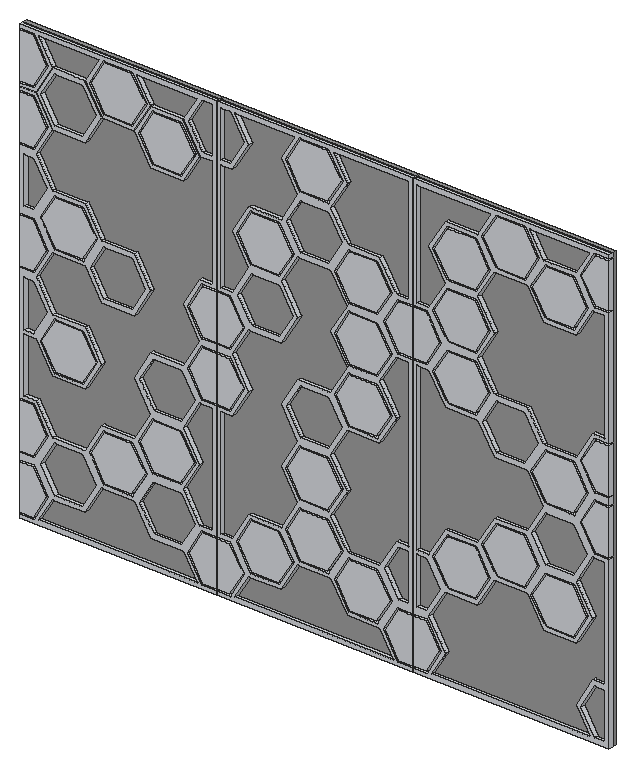
Revit family "SUR-PGL-018_HEX LATTICE_RFA", category Modelos genéricos, Revit 2022 (continued)
Forms (in)
  Extrusion 308, solid, not visible
    sketch origin (-32.38338, 0.00149, -1.20924) x (0, 1, 0) y (0, 0, -1)
      loop
        line (0.96881, 1.14538) -> (0.96881, -1.85462) -> (0.65631, -1.85462) -> (0.65631, -2.35462) -> (0.96881, -2.35462) -> (3.48948, -2.35462) -> (3.48948, -0.60462) -> (4.19814, -0.60462) -> (4.19814, -2.35462) -> (9.23948, -2.35462) -> (9.23948, -0.60462) -> (9.94814, -0.60462) -> (9.94814, -2.35462) -> (14.98948, -2.35462) -> (14.98948, -0.60462) -> (15.69814, -0.60462) -> (15.69814, -2.35462) -> (20.73948, -2.35462) -> (20.73948, -0.60462) -> (21.44814, -0.60462) -> (21.44814, -2.35462) -> (24.28131, -2.35462) -> (24.28131, -1.85462) -> (23.96881, -1.85462) -> (23.96881, 1.14538) -> (0.96881, 1.14538)
    from -3.96341 to -3.49097
  Extrusion 309, solid, not visible
    sketch origin (-26.63338, 0.00149, -1.20924) x (0, 1, 0) y (0, 0, -1)
      loop
        line (0.96881, 1.14538) -> (0.96881, -1.85462) -> (0.65631, -1.85462) -> (0.65631, -2.35462) -> (0.96881, -2.35462) -> (3.48948, -2.35462) -> (3.48948, -0.60462) -> (4.19814, -0.60462) -> (4.19814, -2.35462) -> (9.23948, -2.35462) -> (9.23948, -0.60462) -> (9.94814, -0.60462) -> (9.94814, -2.35462) -> (14.98948, -2.35462) -> (14.98948, -0.60462) -> (15.69814, -0.60462) -> (15.69814, -2.35462) -> (20.73948, -2.35462) -> (20.73948, -0.60462) -> (21.44814, -0.60462) -> (21.44814, -2.35462) -> (24.28131, -2.35462) -> (24.28131, -1.85462) -> (23.96881, -1.85462) -> (23.96881, 1.14538) -> (0.96881, 1.14538)
    from -3.96341 to -3.49097
  Extrusion 310, solid, not visible
    sketch origin (-44, 0, 0) x (1, 0, 0) y (0, 0, 1)
      loop
        line (0.96881, 0.64538) -> (0.96881, -2.35462) -> (3.48948, -2.35462) -> (3.48948, -0.60462) -> (4.19814, -0.60462) -> (4.19814, -2.35462) -> (9.23948, -2.35462) -> (9.23948, -0.60462) -> (9.94814, -0.60462) -> (9.94814, -2.35462) -> (14.98948, -2.35462) -> (14.98948, -0.60462) -> (15.69814, -0.60462) -> (15.69814, -2.35462) -> (20.73948, -2.35462) -> (20.73948, -0.60462) -> (21.44814, -0.60462) -> (21.44814, -2.35462) -> (23.96881, -2.35462) -> (23.96881, 0.64538) -> (24.28131, 0.64538) -> (24.28131, 1.14538) -> (0.65631, 1.14538) -> (0.65631, 0.64538) -> (0.96881, 0.64538)
    from -3.60908 to -3.49097
  Extrusion 311, solid, not visible
    sketch origin (-44, 0, 0) x (1, 0, 0) y (0, 0, 1)
      loop
        line (0.96881, 0.64538) -> (0.96881, -2.35462) -> (3.48948, -2.35462) -> (3.48948, -0.60462) -> (4.19814, -0.60462) -> (4.19814, -2.35462) -> (9.23948, -2.35462) -> (9.23948, -0.60462) -> (9.94814, -0.60462) -> (9.94814, -2.35462) -> (14.98948, -2.35462) -> (14.98948, -0.60462) -> (15.69814, -0.60462) -> (15.69814, -2.35462) -> (20.73948, -2.35462) -> (20.73948, -0.60462) -> (21.44814, -0.60462) -> (21.44814, -2.35462) -> (23.96881, -2.35462) -> (23.96881, 0.64538) -> (24.28131, 0.64538) -> (24.28131, 1.14538) -> (0.65631, 1.14538) -> (0.65631, 0.64538) -> (0.96881, 0.64538)
    from -4.08152 to -3.60908
  Extrusion 312, solid, not visible
    sketch origin (-44, 0, 0) x (1, 0, 0) y (0, 0, 1)
      loop
        line (0.96881, 0.64538) -> (0.96881, -2.35462) -> (3.48948, -2.35462) -> (3.48948, -0.60462) -> (4.19814, -0.60462) -> (4.19814, -2.35462) -> (9.23948, -2.35462) -> (9.23948, -0.60462) -> (9.94814, -0.60462) -> (9.94814, -2.35462) -> (14.98948, -2.35462) -> (14.98948, -0.60462) -> (15.69814, -0.60462) -> (15.69814, -2.35462) -> (20.73948, -2.35462) -> (20.73948, -0.60462) -> (21.44814, -0.60462) -> (21.44814, -2.35462) -> (23.96881, -2.35462) -> (23.96881, 0.64538) -> (24.28131, 0.64538) -> (24.28131, 1.14538) -> (0.65631, 1.14538) -> (0.65631, 0.64538) -> (0.96881, 0.64538)
    from -4.19963 to -4.08152
  Extrusion 313, solid, not visible
    sketch origin (-44.00149, 0.00149, -1.20924) x (0, 1, 0) y (0, 0, -1)
      loop
        line (0.96881, 1.14538) -> (0.96881, -1.85462) -> (0.65631, -1.85462) -> (0.65631, -2.35462) -> (0.96881, -2.35462) -> (3.48948, -2.35462) -> (3.48948, -0.60462) -> (4.19814, -0.60462) -> (4.19814, -2.35462) -> (9.23948, -2.35462) -> (9.23948, -0.60462) -> (9.94814, -0.60462) -> (9.94814, -2.35462) -> (14.98948, -2.35462) -> (14.98948, -0.60462) -> (15.69814, -0.60462) -> (15.69814, -2.35462) -> (20.73948, -2.35462) -> (20.73948, -0.60462) -> (21.44814, -0.60462) -> (21.44814, -2.35462) -> (24.28131, -2.35462) -> (24.28131, -1.85462) -> (23.96881, -1.85462) -> (23.96881, 1.14538) -> (0.96881, 1.14538)
    from -3.60908 to -3.49097
  Extrusion 314, solid, not visible
    sketch origin (-43.88338, 0.00149, -1.20924) x (0, 1, 0) y (0, 0, -1)
      loop
        line (0.96881, 1.14538) -> (0.96881, -1.85462) -> (0.65631, -1.85462) -> (0.65631, -2.35462) -> (0.96881, -2.35462) -> (3.48948, -2.35462) -> (3.48948, -0.60462) -> (4.19814, -0.60462) -> (4.19814, -2.35462) -> (9.23948, -2.35462) -> (9.23948, -0.60462) -> (9.94814, -0.60462) -> (9.94814, -2.35462) -> (14.98948, -2.35462) -> (14.98948, -0.60462) -> (15.69814, -0.60462) -> (15.69814, -2.35462) -> (20.73948, -2.35462) -> (20.73948, -0.60462) -> (21.44814, -0.60462) -> (21.44814, -2.35462) -> (24.28131, -2.35462) -> (24.28131, -1.85462) -> (23.96881, -1.85462) -> (23.96881, 1.14538) -> (0.96881, 1.14538)
    from -3.96341 to -3.49097
  Extrusion 315, solid, not visible
    sketch origin (-44.00149, 0.00149, -1.20924) x (0, 1, 0) y (0, 0, -1)
      loop
        line (0.96881, 1.14538) -> (0.96881, -1.85462) -> (0.65631, -1.85462) -> (0.65631, -2.35462) -> (0.96881, -2.35462) -> (3.48948, -2.35462) -> (3.48948, -0.60462) -> (4.19814, -0.60462) -> (4.19814, -2.35462) -> (9.23948, -2.35462) -> (9.23948, -0.60462) -> (9.94814, -0.60462) -> (9.94814, -2.35462) -> (14.98948, -2.35462) -> (14.98948, -0.60462) -> (15.69814, -0.60462) -> (15.69814, -2.35462) -> (20.73948, -2.35462) -> (20.73948, -0.60462) -> (21.44814, -0.60462) -> (21.44814, -2.35462) -> (24.28131, -2.35462) -> (24.28131, -1.85462) -> (23.96881, -1.85462) -> (23.96881, 1.14538) -> (0.96881, 1.14538)
    from -4.19963 to -4.08152
  Extrusion 316, solid, not visible
    sketch origin (-44, 0, 0) x (1, 0, 0) y (0, 0, 1)
      loop
        line (0.96881, 0.64538) -> (0.96881, -2.35462) -> (3.48948, -2.35462) -> (3.48948, -0.60462) -> (4.19814, -0.60462) -> (4.19814, -2.35462) -> (9.23948, -2.35462) -> (9.23948, -0.60462) -> (9.94814, -0.60462) -> (9.94814, -2.35462) -> (14.98948, -2.35462) -> (14.98948, -0.60462) -> (15.69814, -0.60462) -> (15.69814, -2.35462) -> (20.73948, -2.35462) -> (20.73948, -0.60462) -> (21.44814, -0.60462) -> (21.44814, -2.35462) -> (23.96881, -2.35462) -> (23.96881, 0.64538) -> (24.28131, 0.64538) -> (24.28131, 1.14538) -> (0.65631, 1.14538) -> (0.65631, 0.64538) -> (0.96881, 0.64538)
    from -9.94963 to -9.83152
  Extrusion 317, solid, not visible
    sketch origin (-44, 0, 0) x (1, 0, 0) y (0, 0, 1)
      loop
        line (0.96881, 0.64538) -> (0.96881, -2.35462) -> (3.48948, -2.35462) -> (3.48948, -0.60462) -> (4.19814, -0.60462) -> (4.19814, -2.35462) -> (9.23948, -2.35462) -> (9.23948, -0.60462) -> (9.94814, -0.60462) -> (9.94814, -2.35462) -> (14.98948, -2.35462) -> (14.98948, -0.60462) -> (15.69814, -0.60462) -> (15.69814, -2.35462) -> (20.73948, -2.35462) -> (20.73948, -0.60462) -> (21.44814, -0.60462) -> (21.44814, -2.35462) -> (23.96881, -2.35462) -> (23.96881, 0.64538) -> (24.28131, 0.64538) -> (24.28131, 1.14538) -> (0.65631, 1.14538) -> (0.65631, 0.64538) -> (0.96881, 0.64538)
    from -9.35908 to -9.24097
  Extrusion 318, solid, not visible
    sketch origin (-44, 0, 0) x (1, 0, 0) y (0, 0, 1)
      loop
        line (0.96881, 0.64538) -> (0.96881, -2.35462) -> (3.48948, -2.35462) -> (3.48948, -0.60462) -> (4.19814, -0.60462) -> (4.19814, -2.35462) -> (9.23948, -2.35462) -> (9.23948, -0.60462) -> (9.94814, -0.60462) -> (9.94814, -2.35462) -> (14.98948, -2.35462) -> (14.98948, -0.60462) -> (15.69814, -0.60462) -> (15.69814, -2.35462) -> (20.73948, -2.35462) -> (20.73948, -0.60462) -> (21.44814, -0.60462) -> (21.44814, -2.35462) -> (23.96881, -2.35462) -> (23.96881, 0.64538) -> (24.28131, 0.64538) -> (24.28131, 1.14538) -> (0.65631, 1.14538) -> (0.65631, 0.64538) -> (0.96881, 0.64538)
    from -9.83152 to -9.35908
  Extrusion 319, solid, not visible
    sketch origin (-44, 0, 0) x (1, 0, 0) y (0, 0, 1)
      loop
        line (0.96881, 0.64538) -> (0.96881, -2.35462) -> (3.48948, -2.35462) -> (3.48948, -0.60462) -> (4.19814, -0.60462) -> (4.19814, -2.35462) -> (9.23948, -2.35462) -> (9.23948, -0.60462) -> (9.94814, -0.60462) -> (9.94814, -2.35462) -> (14.98948, -2.35462) -> (14.98948, -0.60462) -> (15.69814, -0.60462) -> (15.69814, -2.35462) -> (20.73948, -2.35462) -> (20.73948, -0.60462) -> (21.44814, -0.60462) -> (21.44814, -2.35462) -> (23.96881, -2.35462) -> (23.96881, 0.64538) -> (24.28131, 0.64538) -> (24.28131, 1.14538) -> (0.65631, 1.14538) -> (0.65631, 0.64538) -> (0.96881, 0.64538)
    from -15.69963 to -15.58152
  Extrusion 320, solid, not visible
    sketch origin (-44, 0, 0) x (1, 0, 0) y (0, 0, 1)
      loop
        line (0.96881, 0.64538) -> (0.96881, -2.35462) -> (3.48948, -2.35462) -> (3.48948, -0.60462) -> (4.19814, -0.60462) -> (4.19814, -2.35462) -> (9.23948, -2.35462) -> (9.23948, -0.60462) -> (9.94814, -0.60462) -> (9.94814, -2.35462) -> (14.98948, -2.35462) -> (14.98948, -0.60462) -> (15.69814, -0.60462) -> (15.69814, -2.35462) -> (20.73948, -2.35462) -> (20.73948, -0.60462) -> (21.44814, -0.60462) -> (21.44814, -2.35462) -> (23.96881, -2.35462) -> (23.96881, 0.64538) -> (24.28131, 0.64538) -> (24.28131, 1.14538) -> (0.65631, 1.14538) -> (0.65631, 0.64538) -> (0.96881, 0.64538)
    from -15.10908 to -14.99097
  Extrusion 321, solid, not visible
    sketch origin (-44, 0, 0) x (1, 0, 0) y (0, 0, 1)
      loop
        line (0.96881, 0.64538) -> (0.96881, -2.35462) -> (3.48948, -2.35462) -> (3.48948, -0.60462) -> (4.19814, -0.60462) -> (4.19814, -2.35462) -> (9.23948, -2.35462) -> (9.23948, -0.60462) -> (9.94814, -0.60462) -> (9.94814, -2.35462) -> (14.98948, -2.35462) -> (14.98948, -0.60462) -> (15.69814, -0.60462) -> (15.69814, -2.35462) -> (20.73948, -2.35462) -> (20.73948, -0.60462) -> (21.44814, -0.60462) -> (21.44814, -2.35462) -> (23.96881, -2.35462) -> (23.96881, 0.64538) -> (24.28131, 0.64538) -> (24.28131, 1.14538) -> (0.65631, 1.14538) -> (0.65631, 0.64538) -> (0.96881, 0.64538)
    from -15.58152 to -15.10908
  Extrusion 322, solid, not visible
    sketch origin (-44, 0, 0) x (1, 0, 0) y (0, 0, 1)
      loop
        line (0.96881, 0.64538) -> (0.96881, -2.35462) -> (3.48948, -2.35462) -> (3.48948, -0.60462) -> (4.19814, -0.60462) -> (4.19814, -2.35462) -> (9.23948, -2.35462) -> (9.23948, -0.60462) -> (9.94814, -0.60462) -> (9.94814, -2.35462) -> (14.98948, -2.35462) -> (14.98948, -0.60462) -> (15.69814, -0.60462) -> (15.69814, -2.35462) -> (20.73948, -2.35462) -> (20.73948, -0.60462) -> (21.44814, -0.60462) -> (21.44814, -2.35462) -> (23.96881, -2.35462) -> (23.96881, 0.64538) -> (24.28131, 0.64538) -> (24.28131, 1.14538) -> (0.65631, 1.14538) -> (0.65631, 0.64538) -> (0.96881, 0.64538)
    from -21.44963 to -21.33152
  Extrusion 323, solid, not visible
    sketch origin (-44, 0, 0) x (1, 0, 0) y (0, 0, 1)
      loop
        line (0.96881, 0.64538) -> (0.96881, -2.35462) -> (3.48948, -2.35462) -> (3.48948, -0.60462) -> (4.19814, -0.60462) -> (4.19814, -2.35462) -> (9.23948, -2.35462) -> (9.23948, -0.60462) -> (9.94814, -0.60462) -> (9.94814, -2.35462) -> (14.98948, -2.35462) -> (14.98948, -0.60462) -> (15.69814, -0.60462) -> (15.69814, -2.35462) -> (20.73948, -2.35462) -> (20.73948, -0.60462) -> (21.44814, -0.60462) -> (21.44814, -2.35462) -> (23.96881, -2.35462) -> (23.96881, 0.64538) -> (24.28131, 0.64538) -> (24.28131, 1.14538) -> (0.65631, 1.14538) -> (0.65631, 0.64538) -> (0.96881, 0.64538)
    from -20.85908 to -20.74097
  Extrusion 324, solid, not visible
    sketch origin (-44, 0, 0) x (1, 0, 0) y (0, 0, 1)
      loop
        line (0.96881, 0.64538) -> (0.96881, -2.35462) -> (3.48948, -2.35462) -> (3.48948, -0.60462) -> (4.19814, -0.60462) -> (4.19814, -2.35462) -> (9.23948, -2.35462) -> (9.23948, -0.60462) -> (9.94814, -0.60462) -> (9.94814, -2.35462) -> (14.98948, -2.35462) -> (14.98948, -0.60462) -> (15.69814, -0.60462) -> (15.69814, -2.35462) -> (20.73948, -2.35462) -> (20.73948, -0.60462) -> (21.44814, -0.60462) -> (21.44814, -2.35462) -> (23.96881, -2.35462) -> (23.96881, 0.64538) -> (24.28131, 0.64538) -> (24.28131, 1.14538) -> (0.65631, 1.14538) -> (0.65631, 0.64538) -> (0.96881, 0.64538)
    from -21.33152 to -20.85908
  Extrusion 325, solid, not visible
    sketch origin (-38.25149, 0.00149, -1.20924) x (0, 1, 0) y (0, 0, -1)
      loop
        line (0.96881, 1.14538) -> (0.96881, -1.85462) -> (0.65631, -1.85462) -> (0.65631, -2.35462) -> (0.96881, -2.35462) -> (3.48948, -2.35462) -> (3.48948, -0.60462) -> (4.19814, -0.60462) -> (4.19814, -2.35462) -> (9.23948, -2.35462) -> (9.23948, -0.60462) -> (9.94814, -0.60462) -> (9.94814, -2.35462) -> (14.98948, -2.35462) -> (14.98948, -0.60462) -> (15.69814, -0.60462) -> (15.69814, -2.35462) -> (20.73948, -2.35462) -> (20.73948, -0.60462) -> (21.44814, -0.60462) -> (21.44814, -2.35462) -> (24.28131, -2.35462) -> (24.28131, -1.85462) -> (23.96881, -1.85462) -> (23.96881, 1.14538) -> (0.96881, 1.14538)
    from -4.19963 to -4.08152
  Extrusion 326, solid, not visible
    sketch origin (-38.84204, 0.00149, -1.20924) x (0, 1, 0) y (0, 0, -1)
      loop
        line (0.96881, 1.14538) -> (0.96881, -1.85462) -> (0.65631, -1.85462) -> (0.65631, -2.35462) -> (0.96881, -2.35462) -> (3.48948, -2.35462) -> (3.48948, -0.60462) -> (4.19814, -0.60462) -> (4.19814, -2.35462) -> (9.23948, -2.35462) -> (9.23948, -0.60462) -> (9.94814, -0.60462) -> (9.94814, -2.35462) -> (14.98948, -2.35462) -> (14.98948, -0.60462) -> (15.69814, -0.60462) -> (15.69814, -2.35462) -> (20.73948, -2.35462) -> (20.73948, -0.60462) -> (21.44814, -0.60462) -> (21.44814, -2.35462) -> (24.28131, -2.35462) -> (24.28131, -1.85462) -> (23.96881, -1.85462) -> (23.96881, 1.14538) -> (0.96881, 1.14538)
    from -4.19963 to -4.08152
  Extrusion 327, solid, not visible
    sketch origin (-32.50149, 0.00149, -1.20924) x (0, 1, 0) y (0, 0, -1)
      loop
        line (0.96881, 1.14538) -> (0.96881, -1.85462) -> (0.65631, -1.85462) -> (0.65631, -2.35462) -> (0.96881, -2.35462) -> (3.48948, -2.35462) -> (3.48948, -0.60462) -> (4.19814, -0.60462) -> (4.19814, -2.35462) -> (9.23948, -2.35462) -> (9.23948, -0.60462) -> (9.94814, -0.60462) -> (9.94814, -2.35462) -> (14.98948, -2.35462) -> (14.98948, -0.60462) -> (15.69814, -0.60462) -> (15.69814, -2.35462) -> (20.73948, -2.35462) -> (20.73948, -0.60462) -> (21.44814, -0.60462) -> (21.44814, -2.35462) -> (24.28131, -2.35462) -> (24.28131, -1.85462) -> (23.96881, -1.85462) -> (23.96881, 1.14538) -> (0.96881, 1.14538)
    from -4.19963 to -4.08152
  Extrusion 328, solid, not visible
    sketch origin (-33.09204, 0.00149, -1.20924) x (0, 1, 0) y (0, 0, -1)
      loop
        line (0.96881, 1.14538) -> (0.96881, -1.85462) -> (0.65631, -1.85462) -> (0.65631, -2.35462) -> (0.96881, -2.35462) -> (3.48948, -2.35462) -> (3.48948, -0.60462) -> (4.19814, -0.60462) -> (4.19814, -2.35462) -> (9.23948, -2.35462) -> (9.23948, -0.60462) -> (9.94814, -0.60462) -> (9.94814, -2.35462) -> (14.98948, -2.35462) -> (14.98948, -0.60462) -> (15.69814, -0.60462) -> (15.69814, -2.35462) -> (20.73948, -2.35462) -> (20.73948, -0.60462) -> (21.44814, -0.60462) -> (21.44814, -2.35462) -> (24.28131, -2.35462) -> (24.28131, -1.85462) -> (23.96881, -1.85462) -> (23.96881, 1.14538) -> (0.96881, 1.14538)
    from -4.19963 to -4.08152
  Extrusion 329, solid, not visible
    sketch origin (-27.34204, 0.00149, -1.20924) x (0, 1, 0) y (0, 0, -1)
      loop
        line (0.96881, 1.14538) -> (0.96881, -1.85462) -> (0.65631, -1.85462) -> (0.65631, -2.35462) -> (0.96881, -2.35462) -> (3.48948, -2.35462) -> (3.48948, -0.60462) -> (4.19814, -0.60462) -> (4.19814, -2.35462) -> (9.23948, -2.35462) -> (9.23948, -0.60462) -> (9.94814, -0.60462) -> (9.94814, -2.35462) -> (14.98948, -2.35462) -> (14.98948, -0.60462) -> (15.69814, -0.60462) -> (15.69814, -2.35462) -> (20.73948, -2.35462) -> (20.73948, -0.60462) -> (21.44814, -0.60462) -> (21.44814, -2.35462) -> (24.28131, -2.35462) -> (24.28131, -1.85462) -> (23.96881, -1.85462) -> (23.96881, 1.14538) -> (0.96881, 1.14538)
    from -4.19963 to -4.08152
  Extrusion 330, solid, not visible
    sketch origin (-26.75149, 0.00149, -1.20924) x (0, 1, 0) y (0, 0, -1)
      loop
        line (0.96881, 1.14538) -> (0.96881, -1.85462) -> (0.65631, -1.85462) -> (0.65631, -2.35462) -> (0.96881, -2.35462) -> (3.48948, -2.35462) -> (3.48948, -0.60462) -> (4.19814, -0.60462) -> (4.19814, -2.35462) -> (9.23948, -2.35462) -> (9.23948, -0.60462) -> (9.94814, -0.60462) -> (9.94814, -2.35462) -> (14.98948, -2.35462) -> (14.98948, -0.60462) -> (15.69814, -0.60462) -> (15.69814, -2.35462) -> (20.73948, -2.35462) -> (20.73948, -0.60462) -> (21.44814, -0.60462) -> (21.44814, -2.35462) -> (24.28131, -2.35462) -> (24.28131, -1.85462) -> (23.96881, -1.85462) -> (23.96881, 1.14538) -> (0.96881, 1.14538)
    from -4.19963 to -4.08152
  Extrusion 331, solid, not visible
    sketch origin (-38.13338, 0.00149, -1.20924) x (0, 1, 0) y (0, 0, -1)
      loop
        line (0.96881, 1.14538) -> (0.96881, -1.85462) -> (0.65631, -1.85462) -> (0.65631, -2.35462) -> (0.96881, -2.35462) -> (3.48948, -2.35462) -> (3.48948, -0.60462) -> (4.19814, -0.60462) -> (4.19814, -2.35462) -> (9.23948, -2.35462) -> (9.23948, -0.60462) -> (9.94814, -0.60462) -> (9.94814, -2.35462) -> (14.98948, -2.35462) -> (14.98948, -0.60462) -> (15.69814, -0.60462) -> (15.69814, -2.35462) -> (20.73948, -2.35462) -> (20.73948, -0.60462) -> (21.44814, -0.60462) -> (21.44814, -2.35462) -> (24.28131, -2.35462) -> (24.28131, -1.85462) -> (23.96881, -1.85462) -> (23.96881, 1.14538) -> (0.96881, 1.14538)
    from -3.96341 to -3.49097
  Extrusion 332, solid, not visible
    sketch origin (-32.38338, 0.00149, -1.20924) x (0, 1, 0) y (0, 0, -1)
      loop
        line (0.96881, 1.14538) -> (0.96881, -1.85462) -> (0.65631, -1.85462) -> (0.65631, -2.35462) -> (0.96881, -2.35462) -> (3.48948, -2.35462) -> (3.48948, -0.60462) -> (4.19814, -0.60462) -> (4.19814, -2.35462) -> (9.23948, -2.35462) -> (9.23948, -0.60462) -> (9.94814, -0.60462) -> (9.94814, -2.35462) -> (14.98948, -2.35462) -> (14.98948, -0.60462) -> (15.69814, -0.60462) -> (15.69814, -2.35462) -> (20.73948, -2.35462) -> (20.73948, -0.60462) -> (21.44814, -0.60462) -> (21.44814, -2.35462) -> (24.28131, -2.35462) -> (24.28131, -1.85462) -> (23.96881, -1.85462) -> (23.96881, 1.14538) -> (0.96881, 1.14538)
    from -3.96341 to -3.49097
  Extrusion 333, solid, not visible
    sketch origin (-26.63338, 0.00149, -1.20924) x (0, 1, 0) y (0, 0, -1)
      loop
        line (0.96881, 1.14538) -> (0.96881, -1.85462) -> (0.65631, -1.85462) -> (0.65631, -2.35462) -> (0.96881, -2.35462) -> (3.48948, -2.35462) -> (3.48948, -0.60462) -> (4.19814, -0.60462) -> (4.19814, -2.35462) -> (9.23948, -2.35462) -> (9.23948, -0.60462) -> (9.94814, -0.60462) -> (9.94814, -2.35462) -> (14.98948, -2.35462) -> (14.98948, -0.60462) -> (15.69814, -0.60462) -> (15.69814, -2.35462) -> (20.73948, -2.35462) -> (20.73948, -0.60462) -> (21.44814, -0.60462) -> (21.44814, -2.35462) -> (24.28131, -2.35462) -> (24.28131, -1.85462) -> (23.96881, -1.85462) -> (23.96881, 1.14538) -> (0.96881, 1.14538)
    from -3.96341 to -3.49097
  Extrusion 334, solid, not visible
    sketch origin (0, 0, 0) x (1, 0, 0) y (0, 1, 0)
      loop
        line (0, 0.11811) -> (0, 0) -> (48, 0) -> (48, 0.11811) -> (0, 0.11811)
    from 0 to 108
  Extrusion 335, solid, not visible
    sketch origin (0, 0, 0) x (1, 0, 0) y (0, 1, 0)
      loop
        line (0, 0.59055) -> (0, 0.11811) -> (48, 0.11811) -> (48, 0.59055) -> (0, 0.59055)
    from 0 to 108
  Extrusion 336, solid, not visible
    sketch origin (20.06218, -10.5, 0) x (0.5, 0.866025, 0) y (-0.866025, 0.5, 0)
      loop
        line (26.12436, 24.24871) -> (1.87564, 24.24871) -> (0, 21) -> (12.12436, 0) -> (36.37307, 0) -> (38.24871, 3.24871) -> (26.12436, 24.24871)
      loop
        line (35.82754, 0.94488) -> (37.15766, 3.24871) -> (25.57883, 23.30383) -> (2.42117, 23.30383) -> (1.09106, 21) -> (12.66988, 0.94488) -> (35.82754, 0.94488)
    from 0 to 10
  Extrusion 337, solid, not visible
    sketch origin (18.18653, 13.74871, 0) x (-0.5, 0.866025, 0) y (-0.866025, -0.5, 0)
      loop
        line (26.12436, 24.24871) -> (1.87564, 24.24871) -> (0, 21) -> (12.12436, 0) -> (36.37307, 0) -> (38.24871, 3.24871) -> (26.12436, 24.24871)
      loop
        line (35.82754, 0.94488) -> (37.15766, 3.24871) -> (25.57883, 23.30383) -> (2.42117, 23.30383) -> (1.09106, 21) -> (12.66988, 0.94488) -> (35.82754, 0.94488)
    from 0 to 10
  Extrusion 338, solid, not visible
    sketch origin (-23.81347, -10.5, 0) x (-0.5, 0.866025, 0) y (-0.866025, -0.5, 0)
      loop
        line (26.12436, -24.24871) -> (38.24871, -3.24871) -> (36.37307, 0) -> (12.12436, 0) -> (0, -21) -> (1.87564, -24.24871) -> (26.12436, -24.24871)
      loop
        line (35.82754, -0.94488) -> (12.66988, -0.94488) -> (1.09106, -21) -> (2.42117, -23.30383) -> (25.57883, -23.30383) -> (37.15766, -3.24871) -> (35.82754, -0.94488)
    from 0 to 10
  Extrusion 339, solid, not visible
    sketch origin (20.06218, 10.5, 0) x (0.5, -0.866025, 0) y (0.866025, 0.5, 0)
      loop
        line (26.12436, -24.24871) -> (38.24871, -3.24871) -> (36.37307, 0) -> (12.12436, 0) -> (0, -21) -> (1.87564, -24.24871) -> (26.12436, -24.24871)
      loop
        line (35.82754, -0.94488) -> (12.66988, -0.94488) -> (1.09106, -21) -> (2.42117, -23.30383) -> (25.57883, -23.30383) -> (37.15766, -3.24871) -> (35.82754, -0.94488)
    from 0 to 10
  Extrusion 340, solid, not visible
    sketch origin (18.18653, -13.74871, 0) x (-0.5, -0.866025, 0) y (0.866025, -0.5, 0)
      loop
        line (26.12436, -24.24871) -> (38.24871, -3.24871) -> (36.37307, 0) -> (12.12436, 0) -> (0, -21) -> (1.87564, -24.24871) -> (26.12436, -24.24871)
      loop
        line (35.82754, -0.94488) -> (12.66988, -0.94488) -> (1.09106, -21) -> (2.42117, -23.30383) -> (25.57883, -23.30383) -> (37.15766, -3.24871) -> (35.82754, -0.94488)
    from 0 to 10
  Extrusion 341, solid, not visible
    sketch origin (-23.81347, 10.5, 0) x (-0.5, -0.866025, 0) y (0.866025, -0.5, 0)
      loop
        line (26.12436, 24.24871) -> (1.87564, 24.24871) -> (0, 21) -> (12.12436, 0) -> (36.37307, 0) -> (38.24871, 3.24871) -> (26.12436, 24.24871)
      loop
        line (35.82754, 0.94488) -> (37.15766, 3.24871) -> (25.57883, 23.30383) -> (2.42117, 23.30383) -> (1.09106, 21) -> (12.66988, 0.94488) -> (35.82754, 0.94488)
    from 0 to 10
  Extrusion 342, solid, not visible
    sketch origin (-21.93782, 13.74871, 0) x (0.5, 0.866025, 0) y (-0.866025, 0.5, 0)
      loop
        line (26.12436, 24.24871) -> (1.87564, 24.24871) -> (0, 21) -> (12.12436, 0) -> (36.37307, 0) -> (38.24871, 3.24871) -> (26.12436, 24.24871)
      loop
        line (35.82754, 0.94488) -> (37.15766, 3.24871) -> (25.57883, 23.30383) -> (2.42117, 23.30383) -> (1.09106, 21) -> (12.66988, 0.94488) -> (35.82754, 0.94488)
    from 0 to 10
  Extrusion 343, solid, not visible
    sketch origin (-21.94005, -13.75, 0) x (0.5, -0.866025, 0) y (0.866025, 0.5, 0)
      loop
        line (26.12436, -24.24871) -> (38.24871, -3.24871) -> (36.37307, 0) -> (12.12436, 0) -> (0, -21) -> (1.87564, -24.24871) -> (26.12436, -24.24871)
      loop
        line (35.82754, -0.94488) -> (12.66988, -0.94488) -> (1.09106, -21) -> (2.42117, -23.30383) -> (25.57883, -23.30383) -> (37.15766, -3.24871) -> (35.82754, -0.94488)
    from 0 to 10
  Extrusion 344, solid, not visible
    sketch origin (60.18877, 10.50129, 0) x (-0.5, -0.866025, 0) y (0.866025, -0.5, 0)
      loop
        line (26.12436, -24.24871) -> (38.24871, -3.24871) -> (36.37307, 0) -> (12.12436, 0) -> (0, -21) -> (1.87564, -24.24871) -> (26.12436, -24.24871)
      loop
        line (35.82754, -0.94488) -> (12.66988, -0.94488) -> (1.09106, -21) -> (2.42117, -23.30383) -> (25.57883, -23.30383) -> (37.15766, -3.24871) -> (35.82754, -0.94488)
    from 0 to 10
  Extrusion 345, solid, not visible
    sketch origin (-2.92322, 3.37295, 0) x (1, 0, 0) y (0, 1, 0)
      loop
        circle (21.56983, 21.96091) r 24.5
      loop
        circle (21.56983, 21.96091) r 23.5
    from 0 to 8
  Extrusion 346, solid, not visible
    sketch origin (0, 0, 0) x (1, 0, 0) y (0, 1, 0)
      loop
        circle (331.30201, 30.00794) r 2.50503
      loop
        circle (331.30201, 30.00794) r 2
    from 1.91103 to 2.63408
  Extrusion 347, solid, not visible
    sketch origin (0, 0, 0) x (1, 0, 0) y (0, 1, 0)
      loop
        circle (331.30201, 30.00794) r 2
    from 1.94644 to 2.58052
  Extrusion 348, solid, not visible
    sketch origin (-2.92322, 3.37295, 0) x (1, 0, 0) y (0, 1, 0)
      loop
        circle (21.56983, 21.96091) r 24.5
      loop
        circle (21.56983, 21.96091) r 23.5
    from -0.08187 to 4
  Extrusion 349, solid, not visible
    sketch origin (-321.72966, 0, 0) x (1, 0, 0) y (0, 1, 0)
      loop
        circle (316.62627, 25.33386) r 0.25
    from 2.63408 to 42.53135
  Extrusion 350, solid, not visible
    sketch origin (359.03255, 0, 0) x (-1, 0, 0) y (0, -1, 0)
      loop
        circle (316.62627, -25.33386) r 0.25
    from 2.63408 to 42.53135
  Extrusion 351, solid, not visible
    sketch origin (115.24237, 3.37295, 0) x (1, 0, 0) y (0, 1, 0)
      loop
        circle (21.56983, 21.96091) r 24.5
      loop
        circle (21.56983, 21.96091) r 23.5
    from -0.08187 to 4
  Extrusion 352, solid, not visible
    sketch origin (0, 0, 0) x (1, 0, 0) y (0, 1, 0)
      loop
        circle (136.8122, 25.33386) r 23.5
    from 2 to 2.63408
  Extrusion 353, solid, not visible
    sketch origin (-203.06407, 0, 0) x (1, 0, 0) y (0, 1, 0)
      loop
        circle (316.62627, 25.33386) r 0.25
    from 2.63408 to 61.53135
  Extrusion 354, solid, not visible
    sketch origin (476.68846, 0, 0) x (-1, 0, 0) y (0, -1, 0)
      loop
        circle (316.62627, -25.33386) r 0.25
    from 2.63408 to 61.53135
  Extrusion 355, solid, not visible
    sketch origin (218.36157, 3.37295, 0) x (1, 0, 0) y (0, 1, 0)
      loop
        circle (21.56983, 21.96091) r 24.5
      loop
        circle (21.56983, 21.96091) r 23.5
    from -0.08187 to 4
  Extrusion 356, solid, not visible
    sketch origin (218.36157, 3.37295, 0) x (1, 0, 0) y (0, 1, 0)
      loop
        circle (21.56983, 21.96091) r 23.5
      loop
        circle (21.56983, 21.96091) r 23.06194
    from -0.08187 to 1
  Extrusion 357, solid, not visible
    sketch origin (218.36157, 3.37295, 0) x (1, 0, 0) y (0, 1, 0)
      loop
        circle (21.56983, 21.96091) r 23.5
      loop
        circle (21.56983, 21.96091) r 23.06194
    from 1 to 1.5561
  Extrusion 358, solid, not visible
    sketch origin (102.6192, 0, 0) x (1, 0, 0) y (0, 1, 0)
      loop
        circle (137.31131, 25.38631) r 23.5
    from 2 to 2.63408
  Extrusion 359, solid, not visible
    sketch origin (-99.54074, 0, 0) x (1, 0, 0) y (0, 1, 0)
      loop
        circle (316.62627, 25.33386) r 0.25
    from 2.63408 to 77.53135
  Extrusion 360, solid, not visible
    sketch origin (579.40175, 0, 0) x (-1, 0, 0) y (0, -1, 0)
      loop
        circle (316.62627, -25.33386) r 0.25
    from 2.63408 to 77.53135
  Extrusion 361, solid, not visible
    sketch origin (315.15231, 3.37295, 0) x (1, 0, 0) y (0, 1, 0)
      loop
        circle (21.56983, 21.96091) r 24.5
      loop
        circle (21.56983, 21.96091) r 23.5
    from -0.08187 to 4
  Extrusion 362, solid, not visible
    sketch origin (0, 0, 0) x (1, 0, 0) y (0, 1, 0)
      loop
        circle (336.72124, 25.33386) r 23.50089
      loop
        circle (342.14048, 30.00794) r 2.5
      loop
        circle (331.30201, 30.00794) r 2.50503
      loop
        circle (336.72124, 20.60773) r 2.50503
    from 2 to 2.63408
  Extrusion 363, solid, not visible
    sketch origin (0, 0, 0) x (1, 0, 0) y (0, 1, 0)
      loop
        circle (331.30201, 30.00794) r 2.50503
      loop
        circle (331.30201, 30.00794) r 2
    from 1.91103 to 2.63408
  Extrusion 364, solid, not visible
    sketch origin (0, 0, 0) x (1, 0, 0) y (0, 1, 0)
      loop
        circle (331.30201, 30.00794) r 2
    from 1.94644 to 2.58052
  Extrusion 365, solid, not visible
    sketch origin (10.83846, 0, 0) x (1, 0, 0) y (0, 1, 0)
      loop
        circle (331.30201, 30.00794) r 2.50503
      loop
        circle (331.30201, 30.00794) r 2
    from 1.91103 to 2.63408
  Extrusion 366, solid, not visible
    sketch origin (10.83846, 0, 0) x (1, 0, 0) y (0, 1, 0)
      loop
        circle (331.30201, 30.00794) r 2
    from 1.94644 to 2.58052
  Extrusion 367, solid, not visible
    sketch origin (5.41923, -9.38639, 0) x (1, 0, 0) y (0, 1, 0)
      loop
        circle (331.30201, 30.00794) r 2.50503
      loop
        circle (331.30201, 30.00794) r 2
    from 1.91103 to 2.63408
  Extrusion 368, solid, not visible
    sketch origin (5.41923, -9.38639, 0) x (1, 0, 0) y (0, 1, 0)
      loop
        circle (331.30201, 30.00794) r 2
    from 1.94644 to 2.58052
  Extrusion 369, solid, not visible
    sketch origin (-3.15414, 0, 0) x (1, 0, 0) y (0, 1, 0)
      loop
        circle (316.62627, 25.33386) r 0.25
    from 2.63408 to 42.53135
  Extrusion 370, solid, not visible
    sketch origin (676.5984, 0, 0) x (-1, 0, 0) y (0, -1, 0)
      loop
        circle (316.62627, -25.33386) r 0.25
    from 2.63408 to 42.53135
  Extrusion 371, solid
    sketch origin (0, 0, -0.28341) x (1, 0, 0) y (0, 0, 1)
      loop
        line (0.31701, 108.28341) -> (0.31701, 107.4602) -> (3.89156, 107.4602) -> (7.42324, 101.50048) -> (3.89608, 95.54839) -> (0.31701, 95.54839) -> (0.31701, 94.83076) -> (4.29123, 94.83076) -> (8.29009, 101.57884) -> (4.9096, 107.28341) -> (19.72442, 107.28341) -> (16.37513, 101.63149) -> (20.43325, 94.78341) -> (28.20077, 94.78341) -> (32.25889, 101.63149) -> (28.9096, 107.28341) -> (43.72442, 107.28341) -> (40.37513, 101.63149) -> (44.43325, 94.78341) -> (47.31701, 94.78341) -> (47.31701, 67.78341) -> (44.31701, 67.78341) -> (40.31701, 61.03341) -> (44.31701, 54.28341) -> (40.31701, 47.53341) -> (32.31701, 47.53341) -> (28.31701, 40.78341) -> (32.31701, 34.03341) -> (28.31701, 27.28341) -> (20.31701, 27.28341) -> (16.31701, 20.53341) -> (8.31701, 20.53341) -> (4.31701, 27.28341) -> (1.31701, 27.28341) -> (1.31701, 40.78341) -> (4.31701, 40.78341) -> (8.31701, 34.03341) -> (16.31701, 34.03341) -> (20.31701, 40.78341) -> (16.31701, 47.53341) -> (8.31701, 47.53341) -> (4.31701, 54.28341) -> (8.31701, 61.03341) -> (16.31701, 61.03341) -> (20.31701, 54.28341) -> (28.31701, 54.28341) -> (32.31701, 61.03341) -> (28.31701, 67.78341) -> (20.31701, 67.78341) -> (16.31701, 74.53341) -> (8.31701, 74.53341) -> (4.31701, 81.28341) -> (8.25889, 87.93534) -> (4.29123, 94.63076) -> (0.31701, 94.63076) -> (0.31701, 93.96018) -> (3.89157, 93.96018) -> (7.42073, 88.00472) -> (3.89235, 82.05058) -> (0.31701, 82.05058) -> (0.31701, 66.96018) -> (3.89157, 66.96018) -> (7.42062, 61.00751) -> (3.89087, 55.05105) -> (0.31701, 55.05105) -> (0.31701, 26.46152) -> (3.89077, 26.46152) -> (7.42097, 20.50432) -> (3.89232, 14.54972) -> (0.31701, 14.54972) -> (0.31701, 12.96152) -> (3.89077, 12.96152) -> (7.42097, 7.00432) -> (3.89232, 1.04972) -> (0.31701, 1.04972) -> (0.31701, 0.28341) -> (48.31701, 0.28341) -> (48.31701, 1.04838) -> (44.79807, 1.04838) -> (41.26786, 7.00562) -> (44.79728, 12.96152) -> (48.31701, 12.96152) -> (48.31701, 41.55105) -> (44.79804, 41.55105) -> (41.2694, 47.50562) -> (44.79804, 53.4602) -> (48.31701, 53.4602) -> (48.31701, 55.05105) -> (44.79804, 55.05105) -> (41.26779, 61.00834) -> (44.79317, 66.95742) -> (48.31701, 66.95742) -> (48.31701, 108.28341) -> (0.31701, 108.28341)
      loop
        line (4.9096, 1.28341) -> (43.72442, 1.28341) -> (40.31701, 7.03341) -> (32.31701, 7.03341) -> (28.31701, 13.78341) -> (20.31701, 13.78341) -> (16.31701, 7.03341) -> (8.31701, 7.03341) -> (4.9096, 1.28341)
      loop
        line (8.43325, 88.03341) -> (16.31701, 88.03341) -> (20.25889, 94.68534) -> (16.20077, 101.53341) -> (8.49565, 101.53341) -> (4.46445, 94.73076) -> (8.43325, 88.03341)
      loop
        line (28.37513, 94.68534) -> (32.31701, 88.03341) -> (40.31701, 88.03341) -> (44.25889, 94.68534) -> (40.20077, 101.53341) -> (32.43325, 101.53341) -> (28.37513, 94.68534)
      loop
        line (27.89232, 14.54972) -> (31.42174, 20.50562) -> (27.89232, 26.46152) -> (20.79728, 26.46152) -> (17.26786, 20.50562) -> (20.79882, 14.54972) -> (27.89232, 14.54972)
      loop
        line (30.95678, 20.50562) -> (27.6644, 26.06152) -> (21.0252, 26.06152) -> (17.73284, 20.50567) -> (21.02669, 14.94972) -> (27.6644, 14.94972) -> (30.95678, 20.50562)
      loop
        line (15.89307, 34.79839) -> (19.4225, 40.75429) -> (15.89307, 46.7102) -> (8.79804, 46.7102) -> (5.26861, 40.75429) -> (8.79958, 34.79839) -> (15.89307, 34.79839)
      loop
        line (18.95754, 40.75429) -> (15.66515, 46.3102) -> (9.02596, 46.3102) -> (5.7336, 40.75434) -> (9.02745, 35.19839) -> (15.66515, 35.19839) -> (18.95754, 40.75429)
      loop
        line (15.89307, 61.79839) -> (19.4225, 67.75429) -> (15.89307, 73.7102) -> (8.79804, 73.7102) -> (5.26861, 67.75429) -> (8.79958, 61.79839) -> (15.89307, 61.79839)
      loop
        line (18.95754, 67.75429) -> (15.66515, 73.3102) -> (9.02596, 73.3102) -> (5.7336, 67.75434) -> (9.02745, 62.19839) -> (15.66515, 62.19839) -> (18.95754, 67.75429)
      loop
        line (27.89153, 95.54839) -> (31.42095, 101.50429) -> (27.89153, 107.4602) -> (20.79649, 107.4602) -> (17.26707, 101.50429) -> (20.79804, 95.54839) -> (27.89153, 95.54839)
      loop
        line (30.95599, 101.50429) -> (27.66361, 107.0602) -> (21.02441, 107.0602) -> (17.73205, 101.50434) -> (21.02591, 95.94839) -> (27.66361, 95.94839) -> (30.95599, 101.50429)
      loop
        line (39.89307, 88.79839) -> (43.4225, 94.75429) -> (39.89307, 100.7102) -> (32.79804, 100.7102) -> (29.26861, 94.75429) -> (32.79958, 88.79839) -> (39.89307, 88.79839)
      loop
        line (42.95754, 94.75429) -> (39.66515, 100.3102) -> (33.02596, 100.3102) -> (29.7336, 94.75434) -> (33.02745, 89.19839) -> (39.66515, 89.19839) -> (42.95754, 94.75429)
      loop
        line (27.7472, 66.78341) -> (20.88681, 66.78341) -> (17.4794, 61.03341) -> (20.88681, 55.28341) -> (27.7472, 55.28341) -> (31.15461, 61.03341) -> (27.7472, 66.78341)
      loop
        line (7.15461, 47.53341) -> (3.7472, 53.28341) -> (1.31701, 53.28341) -> (1.31701, 41.78341) -> (3.7472, 41.78341) -> (7.15461, 47.53341)
      loop
        line (32.88681, 46.53341) -> (29.4794, 40.78341) -> (32.88681, 35.03341) -> (39.7472, 35.03341) -> (43.15461, 40.78341) -> (39.7472, 46.53341) -> (32.88681, 46.53341)
      loop
        line (43.15461, 13.78341) -> (39.7472, 19.53341) -> (32.88681, 19.53341) -> (29.4794, 13.78341) -> (32.88681, 8.03341) -> (39.7472, 8.03341) -> (43.15461, 13.78341)
      loop
        line (44.88681, 107.28341) -> (41.4794, 101.53341) -> (44.88681, 95.78341) -> (47.31701, 95.78341) -> (47.31701, 107.28341) -> (44.88681, 107.28341)
      loop
        line (19.15461, 94.78341) -> (15.7472, 100.53341) -> (8.88681, 100.53341) -> (5.4794, 94.78341) -> (8.88681, 89.03341) -> (15.7472, 89.03341) -> (19.15461, 94.78341)
      loop
        line (3.7472, 68.78341) -> (7.15461, 74.53341) -> (3.7472, 80.28341) -> (1.31701, 80.28341) -> (1.31701, 68.78341) -> (3.7472, 68.78341)
      loop
        line (47.31701, 13.78341) -> (47.31701, 40.78341) -> (44.31701, 40.78341) -> (40.31701, 34.03341) -> (44.31701, 27.28341) -> (40.31701, 20.53341) -> (44.31701, 13.78341) -> (47.31701, 13.78341)
      loop
        line (19.15461, 13.78341) -> (15.7472, 19.53341) -> (8.88681, 19.53341) -> (5.4794, 13.78341) -> (8.88681, 8.03341) -> (15.7472, 8.03341) -> (19.15461, 13.78341)
      loop
        line (3.65688, 95.9602) -> (6.94461, 101.50823) -> (3.66076, 107.04972) -> (0.31701, 107.04972) -> (0.31701, 95.9602) -> (3.65688, 95.9602)
      loop
        line (0.31701, 93.55105) -> (0.31701, 82.46019) -> (3.65689, 82.46019) -> (6.94461, 88.00821) -> (3.65996, 93.55105) -> (0.31701, 93.55105)
      loop
        line (48.31701, 41.95105) -> (48.31701, 53.0602) -> (45.02596, 53.0602) -> (41.73436, 47.50562) -> (45.02596, 41.95105) -> (48.31701, 41.95105)
      loop
        line (45.01834, 1.46131) -> (48.31701, 1.46131) -> (48.31701, 12.54958) -> (45.01812, 12.54958) -> (41.73282, 7.00562) -> (45.01834, 1.46131)
      loop
        line (39.89153, 21.30105) -> (43.42095, 27.25695) -> (39.89153, 33.21285) -> (32.79649, 33.21285) -> (29.26707, 27.25695) -> (32.79804, 21.30105) -> (39.89153, 21.30105)
      loop
        line (42.95599, 27.25695) -> (39.66361, 32.81285) -> (33.02441, 32.81285) -> (29.73205, 27.257) -> (33.02591, 21.70105) -> (39.66361, 21.70105) -> (42.95599, 27.25695)
      loop
        line (3.65767, 1.46152) -> (6.94306, 7.00562) -> (3.65767, 12.54972) -> (0.31701, 12.54972) -> (0.31701, 1.46152) -> (3.65767, 1.46152)
      loop
        line (0.31701, 14.9602) -> (3.65843, 14.9602) -> (6.94461, 20.50562) -> (3.65843, 26.05105) -> (0.31701, 26.05105) -> (0.31701, 14.9602)
      loop
        line (3.65699, 55.4602) -> (6.94461, 61.00805) -> (3.65843, 66.55105) -> (0.31701, 66.55105) -> (0.31701, 55.4602) -> (3.65699, 55.4602)
      loop
        line (48.31701, 66.55105) -> (45.03271, 66.55105) -> (41.74499, 61.00302) -> (45.02884, 55.46152) -> (48.31701, 55.46152) -> (48.31701, 66.55105)
    from -0.97244 to 0
  Extrusion 372, solid
    sketch origin (0, 0, -0.28341) x (1, 0, 0) y (0, 0, 1)
      loop
        line (0.31701, 108.28341) -> (0.31701, 0.28341) -> (48.31701, 0.28341) -> (48.31701, 108.28341) -> (0.31701, 108.28341)
    from -1.94488 to -0.97244
  Extrusion 373, solid
    sketch origin (48, 0, -0.28341) x (1, 0, 0) y (0, 0, 1)
      loop
        line (0.31701, 108.28341) -> (0.31701, 0.28341) -> (48.31701, 0.28341) -> (48.31701, 108.28341) -> (0.31701, 108.28341)
    from -1.94488 to -0.97244
  Extrusion 374, solid
    sketch origin (96.63402, 0, -0.28341) x (-1, 0, 0) y (0, 0, -1)
      loop
        line (0.31701, -108.28341) -> (48.31701, -108.28341) -> (48.31701, -66.95742) -> (44.79317, -66.95742) -> (41.26779, -61.00834) -> (44.79804, -55.05105) -> (48.31701, -55.05105) -> (48.31701, -53.4602) -> (44.79804, -53.4602) -> (41.2694, -47.50562) -> (44.79804, -41.55105) -> (48.31701, -41.55105) -> (48.31701, -12.96152) -> (44.79728, -12.96152) -> (41.26786, -7.00562) -> (44.79807, -1.04838) -> (48.31701, -1.04838) -> (48.31701, -0.28341) -> (0.31701, -0.28341) -> (0.31701, -1.04972) -> (3.89232, -1.04972) -> (7.42097, -7.00432) -> (3.89077, -12.96152) -> (0.31701, -12.96152) -> (0.31701, -67.77836) -> (0.31701, -68.58088) -> (3.89232, -68.58088) -> (7.42097, -74.53548) -> (3.89077, -80.49268) -> (0.31701, -80.49268) -> (0.31701, -108.28341)
      loop
        line (4.9096, -1.28341) -> (8.31701, -7.03341) -> (16.31701, -7.03341) -> (20.31701, -13.78341) -> (28.31701, -13.78341) -> (32.31701, -7.03341) -> (40.31701, -7.03341) -> (43.72442, -1.28341) -> (4.9096, -1.28341)
      loop
        line (8.31701, -20.53341) -> (4.31701, -27.28341) -> (1.31701, -27.28341) -> (1.31701, -67.78341) -> (4.31635, -67.78341) -> (8.31755, -61.03433) -> (4.31701, -54.28341) -> (8.31701, -47.53341) -> (16.31701, -47.53341) -> (20.31701, -40.78341) -> (16.31701, -34.03341) -> (20.31701, -27.28341) -> (16.31701, -20.53341) -> (8.31701, -20.53341)
      loop
        line (20.31701, -54.28341) -> (16.31613, -61.03194) -> (20.31701, -67.78341) -> (16.31701, -74.53341) -> (20.31701, -81.28341) -> (28.31526, -81.28341) -> (32.31701, -74.53341) -> (28.31701, -67.78341) -> (32.31701, -61.03341) -> (40.31701, -61.03341) -> (44.31701, -54.28341) -> (40.31701, -47.53341) -> (44.31701, -40.78341) -> (47.31701, -40.78341) -> (47.31701, -13.78341) -> (44.31701, -13.78341) -> (40.31701, -20.53341) -> (32.31701, -20.53341) -> (28.31701, -27.28341) -> (32.31701, -34.03341) -> (28.31701, -40.78341) -> (32.31701, -47.53341) -> (28.31701, -54.28341) -> (20.31701, -54.28341)
      loop
        line (4.31701, -81.28341) -> (1.31701, -81.28341) -> (1.31701, -107.28341) -> (19.72442, -107.28341) -> (16.31701, -101.53341) -> (20.31701, -94.78341) -> (16.31701, -88.03341) -> (8.31701, -88.03341) -> (4.31701, -81.28341)
      loop
        line (28.31701, -94.78341) -> (32.31701, -101.53341) -> (28.9096, -107.28341) -> (43.72442, -107.28341) -> (40.31701, -101.53341) -> (44.31701, -94.78341) -> (47.31701, -94.78341) -> (47.31701, -67.78341) -> (44.31701, -67.78341) -> (40.31701, -74.53341) -> (44.31701, -81.28341) -> (40.31526, -88.03341) -> (32.31701, -88.03341) -> (28.31701, -94.78341)
      loop
        line (27.89232, -14.54972) -> (20.79882, -14.54972) -> (17.26786, -20.50562) -> (20.79728, -26.46152) -> (27.89232, -26.46152) -> (31.42174, -20.50562) -> (27.89232, -14.54972)
      loop
        line (30.95678, -20.50562) -> (27.6644, -14.94972) -> (21.02669, -14.94972) -> (17.73284, -20.50567) -> (21.0252, -26.06152) -> (27.6644, -26.06152) -> (30.95678, -20.50562)
      loop
        line (15.89307, -61.79839) -> (8.79958, -61.79839) -> (5.26861, -67.75429) -> (8.79804, -73.7102) -> (15.89307, -73.7102) -> (19.4225, -67.75429) -> (15.89307, -61.79839)
      loop
        line (18.95754, -67.75429) -> (15.66515, -62.19839) -> (9.02745, -62.19839) -> (5.7336, -67.75434) -> (9.02596, -73.3102) -> (15.66515, -73.3102) -> (18.95754, -67.75429)
      loop
        line (27.89153, -95.54839) -> (20.79804, -95.54839) -> (17.26707, -101.50429) -> (20.79649, -107.4602) -> (27.89153, -107.4602) -> (31.42095, -101.50429) -> (27.89153, -95.54839)
      loop
        line (30.95599, -101.50429) -> (27.66361, -95.94839) -> (21.02591, -95.94839) -> (17.73205, -101.50434) -> (21.02441, -107.0602) -> (27.66361, -107.0602) -> (30.95599, -101.50429)
      loop
        line (44.88681, -107.28341) -> (47.31701, -107.28341) -> (47.31701, -95.78341) -> (44.88681, -95.78341) -> (41.4794, -101.53341) -> (44.88681, -107.28341)
      loop
        line (48.31701, -41.95105) -> (45.02596, -41.95105) -> (41.73436, -47.50562) -> (45.02596, -53.0602) -> (48.31701, -53.0602) -> (48.31701, -41.95105)
      loop
        line (45.01834, -1.46131) -> (41.73282, -7.00562) -> (45.01812, -12.54958) -> (48.31701, -12.54958) -> (48.31701, -1.46131) -> (45.01834, -1.46131)
      loop
        line (3.65767, -1.46152) -> (0.31701, -1.46152) -> (0.31701, -12.54972) -> (3.65767, -12.54972) -> (6.94306, -7.00562) -> (3.65767, -1.46152)
      loop
        line (1.31701, -14.78341) -> (1.31701, -26.28341) -> (3.7472, -26.28341) -> (7.15461, -20.53341) -> (3.7472, -14.78341) -> (1.31701, -14.78341)
      loop
        line (48.31701, -66.55105) -> (48.31701, -55.46152) -> (45.02884, -55.46152) -> (41.74499, -61.00302) -> (45.03271, -66.55105) -> (48.31701, -66.55105)
      loop
        line (27.851, -28.08522) -> (20.7575, -28.08522) -> (17.22654, -34.04112) -> (20.75596, -39.99702) -> (27.851, -39.99702) -> (31.38042, -34.04112) -> (27.851, -28.08522)
      loop
        line (30.91546, -34.04112) -> (27.62308, -28.48522) -> (20.98538, -28.48522) -> (17.69152, -34.04117) -> (20.98388, -39.59702) -> (27.62308, -39.59702) -> (30.91546, -34.04112)
      loop
        line (15.86453, -48.32751) -> (8.77103, -48.32751) -> (5.24007, -54.28341) -> (8.76949, -60.23931) -> (15.86453, -60.23931) -> (19.39395, -54.28341) -> (15.86453, -48.32751)
      loop
        line (18.92899, -54.28341) -> (15.63661, -48.72751) -> (8.9989, -48.72751) -> (5.70505, -54.28346) -> (8.99741, -59.83931) -> (15.63661, -59.83931) -> (18.92899, -54.28341)
      loop
        line (15.86453, -7.82751) -> (8.77103, -7.82751) -> (5.24007, -13.78341) -> (8.76949, -19.73931) -> (15.86453, -19.73931) -> (19.39395, -13.78341) -> (15.86453, -7.82751)
      loop
        line (18.92899, -13.78341) -> (15.63661, -8.22751) -> (8.9989, -8.22751) -> (5.70505, -13.78346) -> (8.99741, -19.33931) -> (15.63661, -19.33931) -> (18.92899, -13.78341)
      loop
        line (39.86453, -7.82751) -> (32.77103, -7.82751) -> (29.24007, -13.78341) -> (32.76949, -19.73931) -> (39.86453, -19.73931) -> (43.39395, -13.78341) -> (39.86453, -7.82751)
      loop
        line (42.92899, -13.78341) -> (39.63661, -8.22751) -> (32.9989, -8.22751) -> (29.70505, -13.78346) -> (32.99741, -19.33931) -> (39.63661, -19.33931) -> (42.92899, -13.78341)
      loop
        line (39.86453, -75.32751) -> (32.77103, -75.32751) -> (29.24007, -81.28341) -> (32.76949, -87.23931) -> (39.86453, -87.23931) -> (43.39395, -81.28341) -> (39.86453, -75.32751)
      loop
        line (42.92899, -81.28341) -> (39.63661, -75.72751) -> (32.9989, -75.72751) -> (29.70505, -81.28346) -> (32.99741, -86.83931) -> (39.63661, -86.83931) -> (42.92899, -81.28341)
      loop
        line (15.86453, -75.32751) -> (8.77103, -75.32751) -> (5.24007, -81.28341) -> (8.76949, -87.23931) -> (15.86453, -87.23931) -> (19.39395, -81.28341) -> (15.86453, -75.32751)
      loop
        line (18.92899, -81.28341) -> (15.63661, -75.72751) -> (8.9989, -75.72751) -> (5.70505, -81.28346) -> (8.99741, -86.83931) -> (15.63661, -86.83931) -> (18.92899, -81.28341)
      loop
        line (31.15461, -88.03341) -> (27.7472, -82.28341) -> (20.88681, -82.28341) -> (17.4794, -88.03341) -> (20.88681, -93.78341) -> (27.7472, -93.78341) -> (31.15461, -88.03341)
      loop
        line (3.65767, -68.99268) -> (0.31701, -68.99268) -> (0.31701, -80.08088) -> (3.65767, -80.08088) -> (6.94306, -74.53678) -> (3.65767, -68.99268)
      loop
        line (27.7472, -53.28341) -> (31.15461, -47.53341) -> (27.7472, -41.78341) -> (20.88681, -41.78341) -> (17.4794, -47.53341) -> (20.88681, -53.28341) -> (27.7472, -53.28341)
      loop
        line (39.7472, -62.03341) -> (32.88681, -62.03341) -> (29.4794, -67.78341) -> (32.88681, -73.53341) -> (39.7472, -73.53341) -> (43.15461, -67.78341) -> (39.7472, -62.03341)
    from -0.97244 to 0
  Extrusion 375, solid
    sketch origin (96, 0, -0.28341) x (1, 0, 0) y (0, 0, 1)
      loop
        line (0.31701, 108.28341) -> (0.31701, 0.28341) -> (48.31701, 0.28341) -> (48.31701, 108.28341) -> (0.31701, 108.28341)
    from -1.94488 to -0.97244
  Extrusion 376, solid
    sketch origin (96, 0, -0.28341) x (1, 0, 0) y (0, 0, 1)
      loop
        line (0.31701, 108.28341) -> (0.31701, 80.49268) -> (3.89077, 80.49268) -> (7.42097, 74.53548) -> (3.89232, 68.58088) -> (0.31701, 68.58088) -> (0.31701, 67.77836) -> (0.31701, 12.96152) -> (3.89077, 12.96152) -> (7.42097, 7.00432) -> (3.89232, 1.04972) -> (0.31701, 1.04972) -> (0.31701, 0.28341) -> (48.31701, 0.28341) -> (48.31701, 41.55105) -> (44.79804, 41.55105) -> (41.2694, 47.50562) -> (44.79804, 53.4602) -> (48.31701, 53.4602) -> (48.31701, 55.05105) -> (44.79804, 55.05105) -> (41.26779, 61.00834) -> (44.79317, 66.95742) -> (48.31701, 66.95742) -> (48.31701, 95.57751) -> (44.79804, 95.57751) -> (41.26779, 101.5348) -> (44.79317, 107.48389) -> (48.31701, 107.48389) -> (48.31701, 108.28341) -> (0.31701, 108.28341)
      loop
        line (4.9096, 1.28341) -> (43.72442, 1.28341) -> (40.31701, 7.03341) -> (44.31701, 13.78341) -> (47.31701, 13.78341) -> (47.31701, 40.78341) -> (44.31701, 40.78341) -> (40.31701, 34.03341) -> (44.31701, 27.28341) -> (40.31701, 20.53341) -> (32.31701, 20.53341) -> (28.31701, 27.28341) -> (20.31701, 27.28341) -> (16.31701, 20.53341) -> (8.31701, 20.53341) -> (4.31701, 13.78341) -> (8.31701, 7.03341) -> (4.9096, 1.28341)
      loop
        line (4.31701, 27.28341) -> (8.31701, 34.03341) -> (16.31701, 34.03341) -> (20.31701, 40.78341) -> (28.31701, 40.78341) -> (32.31701, 47.53341) -> (28.31701, 54.28341) -> (20.31701, 54.28341) -> (16.31471, 61.03433) -> (8.31755, 61.03433) -> (4.31635, 67.78341) -> (1.31701, 67.78341) -> (1.31701, 27.28341) -> (4.31701, 27.28341)
      loop
        line (32.31701, 61.03341) -> (40.31701, 61.03341) -> (44.31701, 67.78341) -> (47.31701, 67.78341) -> (47.31701, 94.78341) -> (44.31526, 94.78341) -> (40.31526, 88.03341) -> (32.31701, 88.03341) -> (28.31701, 94.78341) -> (20.31701, 94.78341) -> (16.31701, 88.03341) -> (20.31701, 81.28341) -> (16.31701, 74.53341) -> (20.31701, 67.78341) -> (28.31701, 67.78341) -> (32.31701, 61.03341)
      loop
        line (4.31701, 81.28341) -> (8.31788, 88.03489) -> (4.31701, 94.78341) -> (8.31701, 101.53341) -> (16.31701, 101.53341) -> (19.72442, 107.28341) -> (1.31701, 107.28341) -> (1.31701, 81.28341) -> (4.31701, 81.28341)
      loop
        line (39.86453, 21.32751) -> (43.39395, 27.28341) -> (39.86453, 33.23931) -> (32.76949, 33.23931) -> (29.24007, 27.28341) -> (32.77103, 21.32751) -> (39.86453, 21.32751)
      loop
        line (42.92899, 27.28341) -> (39.63661, 32.83931) -> (32.99741, 32.83931) -> (29.70505, 27.28346) -> (32.9989, 21.72751) -> (39.63661, 21.72751) -> (42.92899, 27.28341)
      loop
        line (15.89307, 61.79839) -> (19.4225, 67.75429) -> (15.89307, 73.7102) -> (8.79804, 73.7102) -> (5.26861, 67.75429) -> (8.79958, 61.79839) -> (15.89307, 61.79839)
      loop
        line (18.95754, 67.75429) -> (15.66515, 73.3102) -> (9.02596, 73.3102) -> (5.7336, 67.75434) -> (9.02745, 62.19839) -> (15.66515, 62.19839) -> (18.95754, 67.75429)
      loop
        line (27.89153, 95.54839) -> (31.42095, 101.50429) -> (27.89153, 107.4602) -> (20.79649, 107.4602) -> (17.26707, 101.50429) -> (20.79804, 95.54839) -> (27.89153, 95.54839)
      loop
        line (30.95599, 101.50429) -> (27.66361, 107.0602) -> (21.02441, 107.0602) -> (17.73205, 101.50434) -> (21.02591, 95.94839) -> (27.66361, 95.94839) -> (30.95599, 101.50429)
      loop
        line (32.31701, 101.53341) -> (40.31701, 101.53341) -> (43.72442, 107.28341) -> (28.9096, 107.28341) -> (32.31701, 101.53341)
      loop
        line (48.31701, 41.95105) -> (48.31701, 53.0602) -> (45.02596, 53.0602) -> (41.73436, 47.50562) -> (45.02596, 41.95105) -> (48.31701, 41.95105)
      loop
        line (44.88681, 1.28341) -> (47.31701, 1.28341) -> (47.31701, 12.78341) -> (44.88681, 12.78341) -> (41.4794, 7.03341) -> (44.88681, 1.28341)
      loop
        line (3.65767, 1.46152) -> (6.94306, 7.00562) -> (3.65767, 12.54972) -> (0.31701, 12.54972) -> (0.31701, 1.46152) -> (3.65767, 1.46152)
      loop
        line (1.31701, 14.78341) -> (3.7472, 14.78341) -> (7.15461, 20.53341) -> (3.7472, 26.28341) -> (1.31701, 26.28341) -> (1.31701, 14.78341)
      loop
        line (48.31701, 66.55105) -> (45.03271, 66.55105) -> (41.74499, 61.00302) -> (45.02884, 55.46152) -> (48.31701, 55.46152) -> (48.31701, 66.55105)
      loop
        line (27.851, 28.08522) -> (31.38042, 34.04112) -> (27.851, 39.99702) -> (20.75596, 39.99702) -> (17.22654, 34.04112) -> (20.7575, 28.08522) -> (27.851, 28.08522)
      loop
        line (30.91546, 34.04112) -> (27.62308, 39.59702) -> (20.98388, 39.59702) -> (17.69152, 34.04117) -> (20.98538, 28.48522) -> (27.62308, 28.48522) -> (30.91546, 34.04112)
      loop
        line (15.86453, 21.32751) -> (19.39395, 27.28341) -> (15.86453, 33.23931) -> (8.76949, 33.23931) -> (5.24007, 27.28341) -> (8.77103, 21.32751) -> (15.86453, 21.32751)
      loop
        line (18.92899, 27.28341) -> (15.63661, 32.83931) -> (8.99741, 32.83931) -> (5.70505, 27.28346) -> (8.9989, 21.72751) -> (15.63661, 21.72751) -> (18.92899, 27.28341)
      loop
        line (15.86453, 75.32751) -> (19.39395, 81.28341) -> (15.86453, 87.23931) -> (8.76949, 87.23931) -> (5.24007, 81.28341) -> (8.77103, 75.32751) -> (15.86453, 75.32751)
      loop
        line (18.92899, 81.28341) -> (15.63661, 86.83931) -> (8.99741, 86.83931) -> (5.70505, 81.28346) -> (8.9989, 75.72751) -> (15.63661, 75.72751) -> (18.92899, 81.28341)
      loop
        line (3.65767, 68.99268) -> (6.94306, 74.53678) -> (3.65767, 80.08088) -> (0.31701, 80.08088) -> (0.31701, 68.99268) -> (3.65767, 68.99268)
      loop
        line (32.88681, 35.03341) -> (39.7472, 35.03341) -> (43.15461, 40.78341) -> (39.7472, 46.53341) -> (32.88681, 46.53341) -> (29.4794, 40.78341) -> (32.88681, 35.03341)
      loop
        line (31.15461, 61.03341) -> (27.7472, 66.78341) -> (20.88681, 66.78341) -> (17.4794, 61.03341) -> (20.88681, 55.28341) -> (27.7472, 55.28341) -> (31.15461, 61.03341)
      loop
        line (39.86453, 48.32751) -> (43.39395, 54.28341) -> (39.86453, 60.23931) -> (32.76949, 60.23931) -> (29.24007, 54.28341) -> (32.77103, 48.32751) -> (39.86453, 48.32751)
      loop
        line (42.92899, 54.28341) -> (39.63661, 59.83931) -> (32.99741, 59.83931) -> (29.70505, 54.28346) -> (32.9989, 48.72751) -> (39.63661, 48.72751) -> (42.92899, 54.28341)
      loop
        line (39.86453, 88.82751) -> (43.39395, 94.78341) -> (39.86453, 100.73931) -> (32.76949, 100.73931) -> (29.24007, 94.78341) -> (32.77103, 88.82751) -> (39.86453, 88.82751)
      loop
        line (42.92899, 94.78341) -> (39.63661, 100.33931) -> (32.99741, 100.33931) -> (29.70505, 94.78346) -> (32.9989, 89.22751) -> (39.63661, 89.22751) -> (42.92899, 94.78341)
      loop
        line (15.86453, 88.82751) -> (19.39395, 94.78341) -> (15.86453, 100.73931) -> (8.76949, 100.73931) -> (5.24007, 94.78341) -> (8.77103, 88.82751) -> (15.86453, 88.82751)
      loop
        line (18.92899, 94.78341) -> (15.63661, 100.33931) -> (8.99741, 100.33931) -> (5.70505, 94.78346) -> (8.9989, 89.22751) -> (15.63661, 89.22751) -> (18.92899, 94.78341)
      loop
        line (48.31701, 107.07751) -> (45.03271, 107.07751) -> (41.74499, 101.52948) -> (45.02884, 95.98799) -> (48.31701, 95.98799) -> (48.31701, 107.07751)
    from -0.97244 to 0
  Extrusion 377, solid, not visible
    sketch origin (108, 0, 0) x (1, 0, 0) y (0, 1, 0)
      loop
        line (0.31701, 108.28341) -> (0.31701, 0.28341) -> (48.31701, 0.28341) -> (48.31701, 108.28341) -> (0.31701, 108.28341)
    from -1.94488 to -0.97244
  Extrusion 378, solid, not visible
    sketch origin (108, 0, 0) x (1, 0, 0) y (0, 1, 0)
      loop
        line (0.31701, 108.28341) -> (0.31701, 80.49268) -> (3.89077, 80.49268) -> (7.42097, 74.53548) -> (3.89232, 68.58088) -> (0.31701, 68.58088) -> (0.31701, 67.77836) -> (0.31701, 12.96152) -> (3.89077, 12.96152) -> (7.42097, 7.00432) -> (3.89232, 1.04972) -> (0.31701, 1.04972) -> (0.31701, 0.28341) -> (48.31701, 0.28341) -> (48.31701, 41.55105) -> (44.79804, 41.55105) -> (41.2694, 47.50562) -> (44.79804, 53.4602) -> (48.31701, 53.4602) -> (48.31701, 55.05105) -> (44.79804, 55.05105) -> (41.26779, 61.00834) -> (44.79317, 66.95742) -> (48.31701, 66.95742) -> (48.31701, 95.57751) -> (44.79804, 95.57751) -> (41.26779, 101.5348) -> (44.79317, 107.48389) -> (48.31701, 107.48389) -> (48.31701, 108.28341) -> (0.31701, 108.28341)
      loop
        line (4.9096, 1.28341) -> (43.72442, 1.28341) -> (40.31701, 7.03341) -> (44.31701, 13.78341) -> (47.31701, 13.78341) -> (47.31701, 40.78341) -> (44.31701, 40.78341) -> (40.31701, 34.03341) -> (44.31701, 27.28341) -> (40.31701, 20.53341) -> (32.31701, 20.53341) -> (28.31701, 27.28341) -> (20.31701, 27.28341) -> (16.31701, 20.53341) -> (8.31701, 20.53341) -> (4.31701, 13.78341) -> (8.31701, 7.03341) -> (4.9096, 1.28341)
